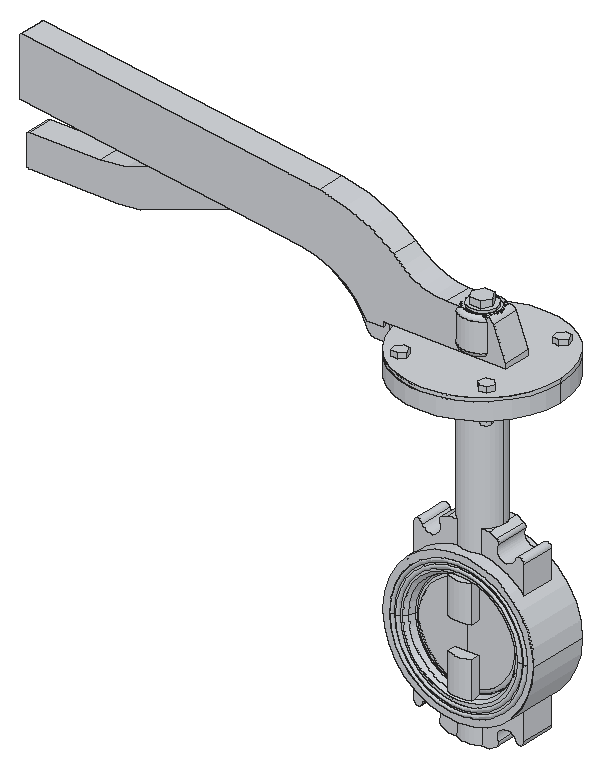
Revit family "R59WY004", category Plumbing Fixtures, Revit 2015
Reference planes
  plane 1 "Center (Front/Back)": y = 0
  plane 2: z = 0
  plane 3 "Center (Left/Right)": x = 0
  plane 4: z = 140
  plane 5: x = -260
  plane 6: z = 217
  plane 7: z = 187
  plane 8: z = -63.5
  plane 9: z = -30
  plane 10: z = 170
  plane 11: z = -30
  plane 12: y = -17.262
  plane 13: y = 17.262
Forms (mm)
  Extrusion 1, solid
    sketch origin (0, 0, 130) x (1, 0, 0) y (0, 1, 0)
      loop
        circle (0, 0) r 45
    from 0 to 10
  Extrusion 2, solid
    sketch origin (0, 45.948, -140.573) x (1, 0, 0) y (0, 0, 1)
      loop
        arc (-14.408, 305.574) -> (-31.009, 309.172) -> (-44.632, 319.319) r 40.102
        arc (-44.632, 319.319) -> (-64.682, 331.561) -> (-87.387, 337.59) r 81.686
        line (-87.387, 337.59) -> (-259.322, 357.495)
        arc (-259.322, 357.495) -> (-259.796, 357.345) -> (-260, 356.891) r 0.608
        line (-260, 356.891) -> (-260, 323.702) -> (-98.154, 304.965)
        arc (-98.154, 304.965) -> (-76.145, 296.857) -> (-60.289, 279.573) r 49.8
        line (-60.289, 279.573) -> (-50.289, 279.573) -> (-50.289, 282.573) -> (19.968, 282.573) -> (19.968, 285.573) -> (12.874, 303.133)
        arc (12.874, 303.133) -> (11.526, 304.847) -> (9.47, 305.574) r 3.914
        line (9.47, 305.574) -> (-14.408, 305.574)
    from 37.966 to 54.11
  Extrusion 3, solid
    sketch origin (-37.783, 45.948, -215.087) x (1, 0, 0) y (0, 0, 1)
      loop
        arc (-22.094, 349.064) -> (-20.551, 347.091) -> (-18.159, 346.344) r 4.207
        line (-18.159, 346.344) -> (-9.636, 346.344) -> (-9.636, 357.087) -> (-17.519, 357.087)
        arc (-17.519, 357.087) -> (-19.393, 357.527) -> (-20.874, 358.756) r 4.207
        line (-20.874, 358.756) -> (-36.673, 388.468)
        arc (-36.673, 388.468) -> (-42.926, 395.877) -> (-51.675, 400.052) r 23.006
        line (-51.675, 400.052) -> (-121.464, 408.132)
        arc (-121.464, 408.132) -> (-146.554, 389.335) -> (-177.106, 382.301) r 75.785
        line (-177.106, 382.301) -> (-217.214, 382.301)
        arc (-217.214, 382.301) -> (-218.486, 381.806) -> (-219.141, 380.609) r 1.995
        line (-219.141, 380.609) -> (-219.141, 365.458)
        arc (-219.141, 365.458) -> (-218.486, 364.261) -> (-217.214, 363.766) r 1.995
        line (-217.214, 363.766) -> (-165.969, 363.766)
        arc (-165.969, 363.766) -> (-159.476, 364.161) -> (-153.041, 365.112) r 75.785
        line (-153.041, 365.112) -> (-101.959, 383.705) -> (-60.438, 378.898)
        arc (-60.438, 378.898) -> (-37.108, 369.34) -> (-22.155, 349.041) r 46.662
    from 38.356 to 53.486
  Extrusion 4, solid
    sketch origin (0, 0, -76.95) x (1, 0, 0) y (0, 1, 0)
      loop
        circle (0, 0) r 12
    from 118.279 to 206.95
  Revolve 5, solid
    sketch origin (0, 0, 0) x (0, 1, 0) y (0, 0, 1)
      loop
        line (-1.078, -33.5) -> (1.078, -33.5) -> (1.078, -32.566)
        arc (1.078, -32.566) -> (1.953, -31.132) -> (3.478, -30.429) r 2.888
        line (3.478, -30.429) -> (6.599, -30.429)
        arc (6.599, -30.429) -> (9.772, -28.687) -> (11.11, -25.324) r 5.351
        line (11.11, -25.324) -> (11.11, 0) -> (-11.11, 0) -> (-11.11, -27.759)
        arc (-11.11, -27.759) -> (-10.328, -29.647) -> (-8.44, -30.429) r 2.67
        line (-8.44, -30.429) -> (-3.478, -30.429)
        arc (-3.478, -30.429) -> (-1.953, -31.132) -> (-1.078, -32.566) r 2.888
        line (-1.078, -32.566) -> (-1.078, -33.5)
      axis (11.11, 0) -> (-11.11, 0)
    angle from 0 to 360
  Extrusion 6, solid
    sketch origin (99.126, -27.447, 142) x (0, -1, 0) y (1, 0, 0)
      loop
        line (3.99, -123.113) -> (0.805, -120.344) -> (-3.184, -121.718) -> (-3.99, -125.86) -> (-0.805, -128.628) -> (3.184, -127.254) -> (3.99, -123.113)
    from 0 to 3
  Extrusion 7, solid
    sketch origin (99.126, -27.447, 122) x (0, -1, 0) y (1, 0, 0)
      loop
        circle (0, -124.486) r 3
    from 2.505 to 20
  Extrusion 8, solid
    sketch origin (99.126, -27.447, 129) x (0, -1, 0) y (1, 0, 0)
      loop
        line (3.99, -123.113) -> (0.805, -120.344) -> (-3.184, -121.718) -> (-3.99, -125.86) -> (-0.805, -128.628) -> (3.184, -127.254) -> (3.99, -123.113)
      loop
        line (-3.444, -125.672) -> (-0.695, -128.061) -> (2.749, -126.876) -> (3.444, -123.301) -> (0.695, -120.911) -> (-2.749, -122.097) -> (-3.444, -125.672)
    from -1.968 to 1
  Extrusion 9, solid, not visible
    sketch origin (26.117, -96.518, 104.233) x (0, -1, 0) y (1, 0, 0)
      loop
        line (3.99, -123.113) -> (0.805, -120.344) -> (-3.184, -121.718) -> (-3.99, -125.86) -> (-0.805, -128.628) -> (3.184, -127.254) -> (3.99, -123.113)
    from 0 to 3
  Extrusion 10, solid, not visible
    sketch origin (26.117, -96.518, 84.233) x (0, -1, 0) y (1, 0, 0)
      loop
        circle (0, -124.486) r 3
    from 2.505 to 20
  Extrusion 11, solid, not visible
    sketch origin (26.117, -96.518, 91.233) x (0, -1, 0) y (1, 0, 0)
      loop
        line (3.99, -123.113) -> (0.805, -120.344) -> (-3.184, -121.718) -> (-3.99, -125.86) -> (-0.805, -128.628) -> (3.184, -127.254) -> (3.99, -123.113)
      loop
        line (-3.444, -125.672) -> (-0.695, -128.061) -> (2.749, -126.876) -> (3.444, -123.301) -> (0.695, -120.911) -> (-2.749, -122.097) -> (-3.444, -125.672)
    from -1.968 to 1
  Extrusion 12, solid
    sketch origin (0, 0, 140) x (1, 0, 0) y (0, 1, 0)
      loop
        circle (0, 0) r 45
    from 0 to 2
  Extrusion 13, solid
    sketch origin (99.126, -27.447, 142) x (0, -1, 0) y (1, 0, 0)
      loop
        line (-58.884, -123.113) -> (-58.079, -127.254) -> (-54.09, -128.628) -> (-50.905, -125.86) -> (-51.71, -121.718) -> (-55.7, -120.344) -> (-58.884, -123.113)
    from 0 to 3
  Extrusion 14, solid
    sketch origin (99.126, -27.447, 122) x (0, -1, 0) y (1, 0, 0)
      loop
        circle (-54.895, -124.486) r 3
    from 2.505 to 20
  Extrusion 15, solid
    sketch origin (99.126, -27.447, 129) x (0, -1, 0) y (1, 0, 0)
      loop
        line (-58.884, -123.113) -> (-58.079, -127.254) -> (-54.09, -128.628) -> (-50.905, -125.86) -> (-51.71, -121.718) -> (-55.7, -120.344) -> (-58.884, -123.113)
      loop
        line (-51.451, -125.672) -> (-52.146, -122.097) -> (-55.59, -120.911) -> (-58.339, -123.301) -> (-57.644, -126.876) -> (-54.2, -128.061) -> (-51.451, -125.672)
    from -1.968 to 1
  Extrusion 16, solid
    sketch origin (-100.376, 27.447, 142) x (0, 1, 0) y (-1, 0, 0)
      loop
        line (-58.884, -123.113) -> (-58.079, -127.254) -> (-54.09, -128.628) -> (-50.905, -125.86) -> (-51.71, -121.718) -> (-55.7, -120.344) -> (-58.884, -123.113)
    from 0 to 3
  Extrusion 17, solid
    sketch origin (-100.376, 27.447, 122) x (0, 1, 0) y (-1, 0, 0)
      loop
        circle (-54.895, -124.486) r 3
    from 2.505 to 20
  Extrusion 18, solid
    sketch origin (-100.376, 27.447, 129) x (0, 1, 0) y (-1, 0, 0)
      loop
        line (-58.884, -123.113) -> (-58.079, -127.254) -> (-54.09, -128.628) -> (-50.905, -125.86) -> (-51.71, -121.718) -> (-55.7, -120.344) -> (-58.884, -123.113)
      loop
        line (-51.451, -125.672) -> (-52.146, -122.097) -> (-55.59, -120.911) -> (-58.339, -123.301) -> (-57.644, -126.876) -> (-54.2, -128.061) -> (-51.451, -125.672)
    from -1.968 to 1
  Extrusion 19, solid
    sketch origin (-100.376, 27.447, 142) x (0, 1, 0) y (-1, 0, 0)
      loop
        line (3.99, -123.113) -> (0.805, -120.344) -> (-3.184, -121.718) -> (-3.99, -125.86) -> (-0.805, -128.628) -> (3.184, -127.254) -> (3.99, -123.113)
    from 0 to 3
  Extrusion 20, solid
    sketch origin (-100.376, 27.447, 122) x (0, 1, 0) y (-1, 0, 0)
      loop
        circle (0, -124.486) r 3
    from 2.505 to 20
  Extrusion 21, solid
    sketch origin (-100.376, 27.447, 129) x (0, 1, 0) y (-1, 0, 0)
      loop
        line (3.99, -123.113) -> (0.805, -120.344) -> (-3.184, -121.718) -> (-3.99, -125.86) -> (-0.805, -128.628) -> (3.184, -127.254) -> (3.99, -123.113)
      loop
        line (-3.444, -125.672) -> (-0.695, -128.061) -> (2.749, -126.876) -> (3.444, -123.301) -> (0.695, -120.911) -> (-2.749, -122.097) -> (-3.444, -125.672)
    from -1.968 to 1
  Extrusion 22, solid
    sketch origin (125.063, -27.447, 167.144) x (0, -1, 0) y (1, 0, 0)
      loop
        line (-32.638, -122.069) -> (-32.638, -128.062) -> (-27.447, -131.059) -> (-22.257, -128.062) -> (-22.257, -122.069) -> (-27.447, -119.072) -> (-32.638, -122.069)
    from -1.014 to 2.856
  Extrusion 23, solid
    sketch origin (124.477, -54.895, 162.2) x (0, -1, 0) y (1, 0, 0)
      loop
        circle (-54.895, -124.486) r 8
    from -22.2 to 3.931
  Sweep 24, solid
    path origin (0, 0, 0) x (1, 0, 0) y (0, 0, 1)
      loop
        circle (0, 0) r 43.5
    profile origin (0, 0, -43.5) x (0, 0, 1) y (0, -1, 0)
      loop
        line (0.625, -16.949) -> (3.952, -16.949)
        arc (3.952, -16.949) -> (4.966, -17.963) -> (5.98, -16.949) r 1.014
        line (5.98, -16.949) -> (7.253, -16.949)
        arc (7.253, -16.949) -> (8.267, -17.963) -> (9.28, -16.949) r 1.014
        line (9.28, -16.949) -> (10.888, -16.949) -> (12.517, -14.607) -> (13.454, -11.11) -> (16.683, -7.881) -> (16.683, 7.881) -> (13.454, 11.11) -> (12.517, 14.607) -> (10.888, 16.949) -> (9.28, 16.949)
        arc (9.28, 16.949) -> (8.267, 17.963) -> (7.253, 16.949) r 1.014
        line (7.253, 16.949) -> (5.98, 16.949)
        arc (5.98, 16.949) -> (4.966, 17.963) -> (3.952, 16.949) r 1.014
        line (3.952, 16.949) -> (0.625, 16.949) -> (0.625, -16.949)
  Revolve 25, solid
    sketch origin (0, 0, 0) x (1, 0, 0) y (0, 0, 1)
      loop
        line (-9.486, 143.746) -> (0, 143.746) -> (0, 165) -> (-9.486, 165)
        arc (-9.486, 165) -> (-11.259, 164.265) -> (-11.994, 162.492) r 2.508
        line (-11.994, 162.492) -> (-11.994, 146.254)
        arc (-11.994, 146.254) -> (-11.259, 144.481) -> (-9.486, 143.746) r 2.508
      axis (0, 143.746) -> (0, 165)
    angle from 0 to 360
  Sweep 26, solid
    path origin (-0.002, 0, 0) x (1, 0, 0) y (0, 0, 1)
      loop
        circle (0, 0) r 43.5
    profile origin (-0.002, 0, -43.5) x (0, 0, 1) y (0, -1, 0)
      loop
        line (0, 17.262) -> (0, -17.262) -> (3.927, -17.262) -> (3.927, 17.262) -> (0, 17.262)
  Extrusion 27, solid
    sketch origin (-2.813, 0.293, 18.193) x (1, 0, 0) y (0, 0, 1)
      loop
        arc (18.871, -71.788) -> (19.767, -70.506) -> (19.652, -68.955) r 2.274
        arc (19.652, -68.955) -> (22.463, -61.587) -> (29.701, -64.717) r 5.458
        arc (29.701, -64.717) -> (32.458, -66.474) -> (34.596, -64.001) r 2.5
        line (34.596, -64.001) -> (34.596, -47.891)
        arc (34.596, -47.891) -> (2.811, -61.693) -> (-28.974, -47.891) r 43.5
        line (-28.974, -47.891) -> (-28.974, -64.001)
        arc (-28.974, -64.001) -> (-26.836, -66.474) -> (-24.079, -64.717) r 2.5
        arc (-24.079, -64.717) -> (-16.841, -61.587) -> (-14.03, -68.955) r 5.458
        arc (-14.03, -68.955) -> (-14.145, -70.506) -> (-13.249, -71.787) r 2.274
        arc (-13.249, -71.787) -> (-11.147, -73.088) -> (-8.94, -74.203) r 28.535
        line (-8.94, -74.203) -> (14.565, -74.203)
        arc (14.565, -74.203) -> (16.77, -73.089) -> (18.871, -71.788) r 28.535
    from -9.388 to 9.974
  Extrusion 28, solid
    sketch origin (0, 0, -231.95) x (1, 0, 0) y (0, 1, 0)
      loop
        circle (0, 0) r 12
    from 176.017 to 191.304
  Extrusion 29, solid
    sketch origin (-2.813, 0.293, -18.193) x (1, 0, 0) y (0, 0, 1)
      loop
        arc (18.871, 71.788) -> (16.77, 73.089) -> (14.565, 74.203) r 28.535
        line (14.565, 74.203) -> (-8.94, 74.203)
        arc (-8.94, 74.203) -> (-11.147, 73.088) -> (-13.249, 71.787) r 28.535
        arc (-13.249, 71.787) -> (-14.145, 70.506) -> (-14.03, 68.955) r 2.274
        arc (-14.03, 68.955) -> (-16.841, 61.587) -> (-24.079, 64.717) r 5.458
        arc (-24.079, 64.717) -> (-26.836, 66.474) -> (-28.974, 64.001) r 2.5
        line (-28.974, 64.001) -> (-28.974, 47.891)
        arc (-28.974, 47.891) -> (2.811, 61.693) -> (34.596, 47.891) r 43.5
        line (34.596, 47.891) -> (34.596, 64.001)
        arc (34.596, 64.001) -> (32.458, 66.474) -> (29.701, 64.717) r 2.5
        arc (29.701, 64.717) -> (22.463, 61.587) -> (19.652, 68.955) r 5.458
        arc (19.652, 68.955) -> (19.767, 70.506) -> (18.871, 71.788) r 2.274
    from -9.388 to 9.974
  Blend 30, solid
    base sketch origin (0, 0, -41.67) x (0, -1, 0) y (1, 0, 0)
      loop
        line (-16.4, -6.883) -> (16.4, -6.883)
        arc (16.4, -6.883) -> (18.078, 0) -> (16.4, 6.883) r 14.953
        line (16.4, 6.883) -> (-16.4, 6.883)
        arc (-16.4, 6.883) -> (-18.078, 0) -> (-16.4, -6.883) r 14.953
    top sketch origin (0, 0, -38.186) x (0, -1, 0) y (1, 0, 0)
      loop
        line (-16.4, -6.883) -> (16.4, -6.883)
        arc (16.4, -6.883) -> (18.078, 0) -> (16.4, 6.883) r 14.953
        line (16.4, 6.883) -> (-16.4, 6.883)
        arc (-16.4, 6.883) -> (-18.078, 0) -> (-16.4, -6.883) r 14.953
    from 11.637 to 29.117
  Blend 31, solid
    base sketch origin (0, 0, -2.485) x (0, -1, 0) y (1, 0, 0)
      loop
        line (-16.4, -6.883) -> (16.4, -6.883)
        arc (16.4, -6.883) -> (18.078, 0) -> (16.4, 6.883) r 14.953
        line (16.4, 6.883) -> (-16.4, 6.883)
        arc (-16.4, 6.883) -> (-18.078, 0) -> (-16.4, -6.883) r 14.953
    top sketch origin (0, 0, 0.999) x (0, -1, 0) y (1, 0, 0)
      loop
        line (-16.4, -6.883) -> (16.4, -6.883)
        arc (16.4, -6.883) -> (18.078, 0) -> (16.4, 6.883) r 14.953
        line (16.4, 6.883) -> (-16.4, 6.883)
        arc (-16.4, 6.883) -> (-18.078, 0) -> (-16.4, -6.883) r 14.953
    from 11.637 to 29.117
Dimensions and locks
  locked: plane 2 to plane 4 at 140
  plane 3 "Center (Left/Right)" to plane 5 = 260 mm
  level to plane 6 = 217 mm
  plane 8 to level = 63.5 mm
  locked: plane 4 to plane 10 at 30
  plane 13 to plane 12 = 34.524 mm
  aligned and locked: level to plane 2
